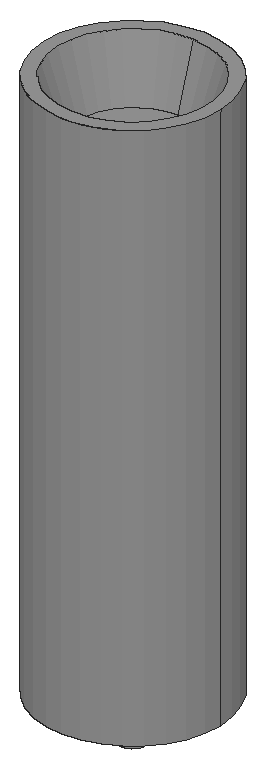
Revit family "2061011 Sylvania Lighting Fixture TubiXx LED surface 4000K black-gold", category Lighting Fixtures, host Face, Revit 2016
Family settings
  Host = Face
  Part Type = Normal
  Round Connector Dimension = Use Diameter
  OmniClass Number = 23.80.70.00
  OmniClass Title = Lighting
  Cut with Voids When Loaded = No
  Light Source = Yes
  Shared = No
  Room Calculation Point = No
Parameters (values of type "2061011 TUBIXX LED SURFACE 4000K BLACK-GOLD")
  Weight = "n/a"
  Wattage Comments = ""
  Wattage = 9.2903 W
  WarrantyStartDate [instance] = "n/a"
  WarrantyGuarantorParts = "n/a"
  WarrantyDurationUnit = "n/a"
  WarrantyDurationParts = ""
  WarrantyDescription = "http://www.sylvania-lighting.com"
  built-in parameter 1150110 = 1 (stored number, unit not read)
  Voltage = 0 V
  URL = "0.95"
  TypeName = "TubiXx LED surface 4000K black-gold"
  Type Image = <None>
  Type Comments = "n/a"
  Tube Recess = 28 mm
  Tube Diameter = 80 mm
  built-in parameter 1114217 = 1 (stored number, unit not read)
  Tilt Angle = 90.00°
  built-in parameter 1150109 = 1 (stored number, unit not read)
  built-in parameter 1150134 = 3
  built-in parameter 1150113 = 1 (stored number, unit not read)
  SerialNumber [instance] = "n/a"
  Photometric Web File = ""
  built-in parameter 1150142 = (empty or 0)
  Material_3_FEILO = none
  PowerFactor = 0
  PowerConsumption = "Lighting"
  NominalLength = 0 mm
  NominalHeight = 0 mm
  NominalDepth = 0 mm
  Name = "TubiXx LED surface 4000K black-gold"
  ModelReference = Name  # "TubiXx LED surface 4000K black-gold"
  ModelNumber = "2061011"
  Model = Name  # "TubiXx LED surface 4000K black-gold"
  Material = "Feilo Sylvania"
  ManufacturerName = "97 lm/W"
  Manufacturer = ""
  LuminousEfficacy = ""
  built-in parameter 1150105 = 109.82 (stored number, unit not read)
  Lumens = 1380 lm
  LuminaireType = "0"
  built-in parameter 1150115 = 1 (stored number, unit not read)
  LightOutputRatio = "LED"
  built-in parameter 1150137 = (empty or 0)
  built-in parameter 1150139 = (empty or 0)
  LampsType = Lamp  # "n/a"
  LampNominalLuminous = "4000 K"
  LampMacAdamStep = "92"
  LampColourTemperature = "LED"
  LampColourRenderingIndex = "16500"
  built-in parameter 1150112 = 1 (stored number, unit not read)
  built-in parameter 1150114 = 1 (stored number, unit not read)
  Lamp = "n/a"
  Keynote = "n/a"
  InstallationDate [instance] = "n/a"
  InputVoltage = "0"
  InputNominalFrequency = "4000"
  built-in parameter 1150132 = (empty or 0)
  built-in parameter 1150102 = (empty or 0)
  built-in parameter 1150107 = 3200 (stored number, unit not read)
  built-in parameter 1150138 = (empty or 0)
  IngressProtection = "IfcLightFixtureType"
  ImpactProtectionIndex = "IfcLightFixtureType"
  built-in parameter 1150106 = 1.0982 (stored number, unit not read)
  IfcExportType = "IfcLightFixtureType"
  IfcExportAs = "Class I"
  Height = 250 mm
  ExpectedLife = 50000
  Emit from Circle Diameter = 609.6 mm
  Emit Shape Visible in Rendering = no
  ElectricShockClassification = "97"
  built-in parameter 1150104 = 13.8 (stored number, unit not read)
  DurationUnit = "hours"
  DocumentationLiterature = "http://www.sylvania-lighting.com/product/en-int/products/2061011"
  DimmingControlOptions = "n/a"
  Material_2_FEILO = none
  Dimming Lamp Color Temperature Shift = <None>
  Description = "TubiXx LED Surface Mounted is a decorative Surface Mounted fixture with integrated driver, equipped with an integrated non-dimmable LED driver, Black finish with Gold reflector, colour temperature 4000K, 14W, 1361lm, 97lm/W, IP20, IK02, Class I. Dimensions 250mmx80mm."
  Default Elevation = 1219.2 mm
  CreatedOn = "22/11/2019"
  CreatedBy = "@sylvania-lighting.com"
  Cost = 0
  Color Filter = 16777215
  built-in parameter 1114216 [instance] = (empty or 0)
  ClassificationValue = "EF_70_80"
  ClassificationName = "Uniclass2015"
  Material_1_FEILO = none
  Cable Clamp Height = 20 mm
  BarCode [instance] = "n/a"
  built-in parameter 1114218 = 1 (stored number, unit not read)
  built-in parameter 1150133 = 10 (stored number, unit not read)
  AssetType = "Fixed"
  AssetIdentifier [instance] = "n/a"
  Assembly Code = "D5020200"
  Apparent Load = 14 VA
  Material_4_FEILO = none
Reference planes
  plane 1 "Center (Front/Back)": y = 0
  plane 2: z = 0
  plane 3 "Center (Left/Right)": x = 0
  plane 4: x = 40
  plane 5: x = -40
  plane 6: y = 40
  plane 7: y = -40
  plane 8: z = 250
  plane 9: z = 0
  plane 10: z = 222
Forms (mm)
  Extrusion 1, solid, material "Aluminum", detail levels medium+fine
    sketch origin (4.2, 0, 0) x (1, 0, 0) y (0, 1, 0)
      loop
        circle (-4.2, 0) r 40
    from 0 to 250
  Blend 2, void
    base sketch origin (4.2, 0, 0) x (0, 1, 0) y (-1, 0, 0)
      loop
        circle (0, 4.2) r 25
    top sketch origin (4.2, 0, 0) x (0, 1, 0) y (-1, 0, 0)
      loop
        circle (0, 4.2) r 34
    from 222 to 250
  Extrusion 3, solid, material "Plastic, Opaque Black", detail levels fine
    sketch origin (3.621, -0.001, 0) x (0, 1, 0) y (1, 0, 0)
      loop
        circle (0.002, -3.635) r 6
    from 0 to 20
  Extrusion 4, solid, detail levels coarse
    sketch origin (4.2, 0, 0) x (0, 1, 0) y (1, 0, 0)
      loop
        line (39.967, 35.75) -> (-40.071, 35.75) -> (-40.071, -44.142) -> (39.967, -44.142) -> (39.967, 35.75)
    from -250 to 0
  Extrusion 5, solid, material "Glass, White, High Luminance", detail levels fine
    sketch origin (4.2, 0, 222) x (0, 1, 0) y (-1, 0, 0)
      loop
        circle (0.004, 4.166) r 25.024
    from 0 to 1
Cuts and joins
  Blend 2 cuts Extrusion 1
Dimensions and locks
  "Tube Diameter": plane 5 to plane 4
  equal spacing: plane 5, plane 3 "Center (Left/Right)", plane 4
  "Tube Diameter": plane 6 to plane 7
  equal spacing: plane 6, plane 1 "Center (Front/Back)", plane 7
  "Height": plane 8 to host face
  "Tube Recess": plane 8 to plane 10
  aligned and locked: plane 2 to host face
  aligned and locked: level to host face
Automatic sketch dimensions
  host sketch curve to host sketch curve = 2438.4 mm  (x2)
  plane 1 "Center (Front/Back)" to Extrusion 1 sketch curve = 0 mm
  Extrusion 1 sketch curve to plane 3 "Center (Left/Right)" = 0 mm
  plane 1 "Center (Front/Back)" to Blend 2 sketch curve = 0 mm  (x2)
  Blend 2 sketch curve to plane 3 "Center (Left/Right)" = 0 mm  (x2)
  Extrusion 4 sketch curve to Extrusion 4 sketch curve = 80.038 mm
  Extrusion 4 sketch curve to Extrusion 4 sketch curve = 79.892 mm
  radius of Extrusion 1 sketch curve = 40 mm
  radius of Blend 2 sketch curve = 25 mm
  radius of Blend 2 sketch curve = 34 mm
  radius of Extrusion 3 sketch curve = 6 mm
  radius of Extrusion 5 sketch curve = 25.024 mm
Connectors
  electrical at (-0.015, 0.001, -20)
    settings: on Extrusion 3, index 1, voltage 0 V, apparent load 0 VA, apparent load phase1 0 VA, apparent load phase2 0 VA, apparent load phase3 0 VA, power factor 1, load classification "Other", number of poles 1, system type 31, power factor state 1, is connector primary yes, connector utility no, sub classification motor no, connector description ""
  electrical at (0, 0, 250)
    settings: on cut or joined group of Extrusion 1, Blend 2, index 2, voltage 0 V, apparent load 0 VA, apparent load phase1 0 VA, apparent load phase2 0 VA, apparent load phase3 0 VA, power factor 1, load classification "Other", number of poles 1, system type 31, power factor state 1, is connector primary no, connector utility no, sub classification motor no, connector description ""
